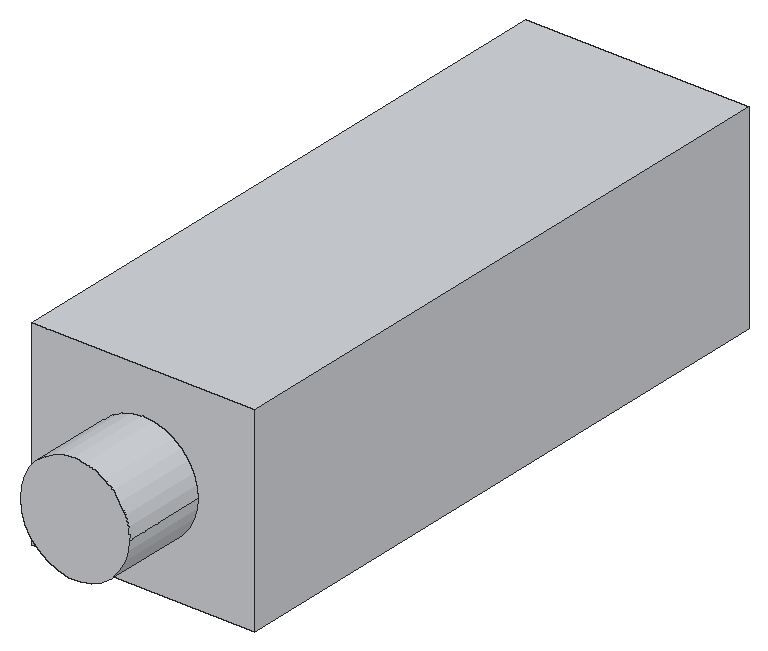
Revit family "EZTA+NO HWC", category Mechanical Equipment, Revit 2018
Family settings
  Round Connector Dimension = Use Diameter
  Part Type = Normal
  OmniClass Number = 23.75.00.00
  OmniClass Title = Climate Control (HVAC)
  Work Plane-Based = No
  Always vertical = Yes
  Cut with Voids When Loaded = No
  Shared = No
  Room Calculation Point = No
Parameters (values of type "EZTA+0710 NO Controller")
  Width = 1' - 2"
  URL = "https://www.anemostat-hvac.com/"
  RightController = no
  Power Right Controller = no
  Power Left Controller = no
  Model = "EZTA+"
  Manufacturer = "ANEMOSTAT PRODUCTS"
  Length = 3' - 3 1/2"
  LeftController = no
  Inlet_S = 0' - 5 3/8"
  InletRadius = InletDia / 2  # 0' - 3 7/16"
  InletDia = 0' - 6 7/8"
  Height = 1' - 0 1/2"
  SlipDrive = 3' - 10 7/16"
  Overlap = 0' - 0 5/8"
  EnslosureRear = 1' - 2 7/32"
  EnclosureWidth = 0' - 7 1/8"
  EnclosureHeight = 0' - 11 3/32"
  EnclosureFront = 0' - 3"
  EnclosureCenter = Height / 2  # 0' - 6 1/4"
  DischargeY = Height - 0' 1 1/4"  # 0' - 11 1/4"
  DischargeX = Width - 0' 1 1/4"  # 1' - 0 3/4"
  Discharge = 0' - 0 5/8"
  Description = "EZTA+ W/Integral Sound Attenuator"
  Coil = SlipDrive - Length  # 0' - 6 15/16"
Types (24): name | Width | RightController | Power Right Controller | Power Left Controller | LeftController | InletRadius | InletDia | Height | SlipDrive | EnclosureCenter | DischargeY | DischargeX | Description | Coil
  EZTA+0508 W/LH Controller | 1' - 0" | no | no | yes | yes | 0' - 2 7/16" | 0' - 4 7/8" | 0' - 10" | 3' - 7 1/4" | 0' - 5" | 0' - 8 3/4" | 0' - 10 3/4" | "EZTA+ W/Integral Sound Attenuator" | 0' - 3 3/4"
  EZTA+0608 W/LH Controller | 1' - 0" | no | no | yes | yes | 0' - 2 15/16" | 0' - 5 7/8" | 0' - 10" | 3' - 7 1/4" | 0' - 5" | 0' - 8 3/4" | 0' - 10 3/4" | "EZTA+ W/Integral Sound Attenuator" | 0' - 3 3/4"
  EZTA+0508 W/RH Controller | 1' - 0" | yes | yes | no | no | 0' - 2 7/16" | 0' - 4 7/8" | 0' - 10" | 3' - 7 1/4" | 0' - 5" | 0' - 8 3/4" | 0' - 10 3/4" | "EZTA W/Integral Sound Attenuator" | 0' - 3 3/4"
  EZTA+0608 W/RH Controller | 1' - 0" | yes | yes | no | no | 0' - 2 15/16" | 0' - 5 7/8" | 0' - 10" | 3' - 7 1/4" | 0' - 5" | 0' - 8 3/4" | 0' - 10 3/4" | "EZTA+ W/Integral Sound Attenuator" | 0' - 3 3/4"
  EZTA+0508 NO Controller | 1' - 0" | no | no | no | no | 0' - 2 7/16" | 0' - 4 7/8" | 0' - 10" | 3' - 7 1/4" | 0' - 5" | 0' - 8 3/4" | 0' - 10 3/4" | "EZTA+ W/Integral Sound Attenuator" | 0' - 3 3/4"
  EZTA+0608 NO Controller | 1' - 0" | no | no | no | no | 0' - 2 15/16" | 0' - 5 7/8" | 0' - 10" | 3' - 7 1/4" | 0' - 5" | 0' - 8 3/4" | 0' - 10 3/4" | "EZTA+ W/Integral Sound Attenuator" | 0' - 3 3/4"
  EZTA+0710 W/LH Controller | 1' - 2" | no | no | yes | yes | 0' - 3 7/16" | 0' - 6 7/8" | 1' - 0 1/2" | 3' - 10 7/16" | 0' - 6 1/4" | 0' - 11 1/4" | 1' - 0 3/4" | "EZTA+ W/Integral Sound Attenuator" | 0' - 6 15/16"
  EZTA+0810 W/LH Controller | 1' - 2" | no | no | yes | yes | 0' - 3 15/16" | 0' - 7 7/8" | 1' - 0 1/2" | 3' - 10 7/16" | 0' - 6 1/4" | 0' - 11 1/4" | 1' - 0 3/4" | "EZTA+ W/Integral Sound Attenuator" | 0' - 6 15/16"
  EZTA+0710 W/RH Controller | 1' - 2" | yes | yes | no | no | 0' - 3 7/16" | 0' - 6 7/8" | 1' - 0 1/2" | 3' - 10 7/16" | 0' - 6 1/4" | 0' - 11 1/4" | 1' - 0 3/4" | "EZTA+ W/Integral Sound Attenuator" | 0' - 6 15/16"
  EZTA+0810 W/RH Controller | 1' - 2" | yes | yes | no | no | 0' - 3 15/16" | 0' - 7 7/8" | 1' - 0 1/2" | 3' - 10 7/16" | 0' - 6 1/4" | 0' - 11 1/4" | 1' - 0 3/4" | "EZTA+ W/Integral Sound Attenuator" | 0' - 6 15/16"
  EZTA+0810 NO Controller | 1' - 2" | no | no | no | no | 0' - 3 15/16" | 0' - 7 7/8" | 1' - 0 1/2" | 3' - 10 7/16" | 0' - 6 1/4" | 0' - 11 1/4" | 1' - 0 3/4" | "EZTA+ W/Integral Sound Attenuator" | 0' - 6 15/16"
  EZTA+0710 NO Controller | 1' - 2" | no | no | no | no | 0' - 3 7/16" | 0' - 6 7/8" | 1' - 0 1/2" | 3' - 10 7/16" | 0' - 6 1/4" | 0' - 11 1/4" | 1' - 0 3/4" | "EZTA+ W/Integral Sound Attenuator" | 0' - 6 15/16"
  EZTA+1012 W/LH Controller | 1' - 4" | no | no | yes | yes | 0' - 4 15/16" | 0' - 9 7/8" | 1' - 3" | 3' - 7 1/4" | 0' - 7 1/2" | 1' - 1 3/4" | 1' - 2 3/4" | "EZTA+ W/Integral Sound Attenuator" | 0' - 3 3/4"
  EZTA+1012 NO Controller | 1' - 4" | no | no | no | no | 0' - 4 15/16" | 0' - 9 7/8" | 1' - 3" | 3' - 7 1/4" | 0' - 7 1/2" | 1' - 1 3/4" | 1' - 2 3/4" | "EZTA+ W/Integral Sound Attenuator" | 0' - 3 3/4"
  EZTA+0912 NO Controller | 1' - 4" | no | no | no | no | 0' - 4 7/16" | 0' - 8 7/8" | 1' - 3" | 3' - 7 1/4" | 0' - 7 1/2" | 1' - 1 3/4" | 1' - 2 3/4" | "EZTA+ W/Integral Sound Attenuator" | 0' - 3 3/4"
  EZTA+0912 W/LH Controller | 1' - 4" | no | no | yes | yes | 0' - 4 7/16" | 0' - 8 7/8" | 1' - 3" | 3' - 7 1/4" | 0' - 7 1/2" | 1' - 1 3/4" | 1' - 2 3/4" | "EZTA+ W/Integral Sound Attenuator" | 0' - 3 3/4"
  EZTA+0912 W/RH Controller | 1' - 4" | yes | yes | no | no | 0' - 4 7/16" | 0' - 8 7/8" | 1' - 3" | 3' - 7 1/4" | 0' - 7 1/2" | 1' - 1 3/4" | 1' - 2 3/4" | "EZTA+ W/Integral Sound Attenuator" | 0' - 3 3/4"
  EZTA+1012 W/RH Controller | 1' - 4" | yes | yes | no | no | 0' - 4 15/16" | 0' - 9 7/8" | 1' - 3" | 3' - 7 1/4" | 0' - 7 1/2" | 1' - 1 3/4" | 1' - 2 3/4" | "EZTA+ W/Integral Sound Attenuator" | 0' - 3 3/4"
  EZTA+1214 W/LH Controller | 1' - 8" | no | no | yes | yes | 0' - 5 15/16" | 0' - 11 7/8" | 1' - 5 1/2" | 3' - 7 1/4" | 0' - 8 3/4" | 1' - 4 1/4" | 1' - 6 3/4" | "EZTA+ W/Integral Sound Attenuator" | 0' - 3 3/4"
  EZTA+1214 W/RH Controller | 1' - 8" | yes | yes | no | no | 0' - 5 15/16" | 0' - 11 7/8" | 1' - 5 1/2" | 3' - 7 1/4" | 0' - 8 3/4" | 1' - 4 1/4" | 1' - 6 3/4" | "EZTA+ W/Integral Sound Attenuator" | 0' - 3 3/4"
  EZTA+1214 NO Controller | 1' - 8" | no | no | no | no | 0' - 5 15/16" | 0' - 11 7/8" | 1' - 5 1/2" | 3' - 7 1/4" | 0' - 8 3/4" | 1' - 4 1/4" | 1' - 6 3/4" | "EZTA+ W/Integral Sound Attenuator" | 0' - 3 3/4"
  EZTA+1416 W/LH Controller | 2' - 0" | no | no | yes | yes | 0' - 6 15/16" | 1' - 1 7/8" | 1' - 5 1/2" | 3' - 8 7/16" | 0' - 8 3/4" | 1' - 4 1/4" | 1' - 10 3/4" | "EZTA+ W/Integral Sound Attenuator" | 0' - 4 15/16"
  EZTA+1416 W/RH Controller | 2' - 0" | yes | yes | no | no | 0' - 6 15/16" | 1' - 1 7/8" | 1' - 5 1/2" | 3' - 8 7/16" | 0' - 8 3/4" | 1' - 4 1/4" | 1' - 10 3/4" | "EZTA+ W/Integral Sound Attenuator" | 0' - 4 15/16"
  EZTA+1416 NO Controller | 2' - 0" | no | no | no | no | 0' - 6 15/16" | 1' - 1 7/8" | 1' - 5 1/2" | 3' - 8 7/16" | 0' - 8 3/4" | 1' - 4 1/4" | 1' - 10 3/4" | "EZTA+ W/Integral Sound Attenuator" | 0' - 4 15/16"
Reference planes (in)
  plane 1 "Center (Front/Back)": y = 0
  plane 2: z = 0
  plane 3 "Center (Left/Right)": x = 0
  plane 4 "RightSide": x = 7
  plane 5 "LeftSide": x = -7
  plane 6 "InletSide": y = -19.75
  plane 7: y = -8.53125
  plane 8 "EnclosureFront": y = -22.75
  plane 9: x = 14.125
  plane 10: x = -14.125
  plane 11 "DischargeSide": y = 19.75
  plane 12: y = 19.125
  plane 13: z = 12.5
  plane 14: z = 6.25
  plane 15: z = 11.79687
  plane 16: z = 0.70313
  plane 17: x = 6.375
  plane 18: x = -6.375
  plane 19: z = 11.875
  plane 20: z = 0.625
  plane 21: y = 18.5
  plane 22 "HWC SlipNDrive": y = 26.6875
  plane 23: z = 1.25
  plane 24: y = 22.875
  plane 25: y = 23.13415
  plane 26: z = 11.25
Forms (in)
  Extrusion 1, solid
    sketch origin (0, 0, 0) x (1, 0, 0) y (0, 1, 0)
      loop
        line (7, 19.125) -> (-7, 19.125) -> (-7, -19.75) -> (7, -19.75) -> (7, 19.125)
    from 0 to 12.5
  Extrusion 2, solid
    sketch origin (0, -19.75, 0) x (1, 0, 0) y (0, 0, 1)
      loop
        circle (0, 6.25) r 3.4375
    from 0 to 5.375 <- "Inlet_S"
  Extrusion 3, solid
    sketch origin (0, 19.75, 0) x (1, 0, 0) y (0, 0, 1)
      loop
        line (-6.375, 11.875) -> (-6.375, 0.625) -> (6.375, 0.625) -> (6.375, 11.875) -> (-6.375, 11.875)
    from 0 to 0.625 <- "Discharge"
Dimensions and locks (in)
  equal spacing: plane 5 "LeftSide", plane 3 "Center (Left/Right)", plane 4 "RightSide"
  "EnclosureFront": plane 8 "EnclosureFront" to plane 6 "InletSide"
  "Width": plane 5 "LeftSide" to plane 4 "RightSide"
  "EnclosureWidth": plane 4 "RightSide" to plane 9
  "EnclosureWidth": plane 10 to plane 5 "LeftSide"
  equal spacing: plane 11 "DischargeSide", plane 1 "Center (Front/Back)", plane 6 "InletSide"
  "Length": plane 11 "DischargeSide" to plane 6 "InletSide"
  "EnslosureRear": plane 7 to plane 8 "EnclosureFront"
  "Discharge": plane 12 to plane 11 "DischargeSide"
  equal spacing: plane 15, plane 14, plane 16
  "EnclosureHeight": plane 15 to plane 16
  "EnclosureCenter": plane 14 to level
  "Height": plane 13 to level
  equal spacing: plane 17, plane 3 "Center (Left/Right)", plane 18
  "DischargeX": plane 17 to plane 18
  "Discharge": plane 13 to plane 19
  "Discharge": plane 20 to level
  plane 6 "InletSide" to plane 11 "DischargeSide" = 3' - 3 1/2"
  "Overlap": plane 21 to plane 12
  "SlipDrive": plane 22 "HWC SlipNDrive" to plane 6 "InletSide"
  locked: plane 24 to plane 12 at 3.75
  locked: plane 23 to level at 1.25
  locked: plane 25 to plane 12 at 4.00915
  locked: plane 13 to plane 26 at 1.25
  "InletRadius": radius of Extrusion 2 sketch curve
  aligned and locked: level to plane 2
  aligned and locked: plane 12 to Extrusion 1 sketch curve
  aligned and locked: plane 4 "RightSide" to Extrusion 1 sketch curve
  aligned and locked: plane 6 "InletSide" to Extrusion 1 sketch curve
  aligned and locked: plane 5 "LeftSide" to Extrusion 1 sketch curve
  aligned and locked: plane 13 to Extrusion 1
  aligned and locked: plane 19 to Extrusion 3 sketch curve
  aligned and locked: Extrusion 3 sketch curve to plane 18
  aligned and locked: plane 20 to Extrusion 3 sketch curve
  aligned and locked: plane 17 to Extrusion 3 sketch curve
  aligned and locked: nested 1 to plane 7
  aligned and locked: plane 4 "RightSide" to nested 1
  aligned and locked: nested 2 to plane 5 "LeftSide"
  aligned and locked: nested 2 to plane 7
Automatic sketch dimensions
  Extrusion 2 sketch curve to plane 3 "Center (Left/Right)" = 0' - 0"
  Extrusion 2 sketch curve to plane 14 = 0' - 0"
Nested families (in)
  nested 1: "ControlEnclosure" at (7, -9.91058, 0), visible <- "RightController", type "Inlet Size 10 Enclosure Left"
    with EnclosureWidth 0' - 7 1/8", EnclosureHeight 0' - 11 3/32"
  nested 2: "ControlEnclosure" at (-7, -9.91058, 0) x (-1, 0, 0) z (0, 0, 1), visible <- "LeftController", type "Inlet Size 10 Enclosure Left"
    with EnclosureWidth 0' - 7 1/8", EnclosureHeight 0' - 11 3/32"
Connectors (in)
  hvac at (0, -25.125, 6.25), driven by "InletDia"
    settings: on Extrusion 2, index 1, duct flow 0 CFM, flow factor 0, pres drop 0.00 in-wg, loss coef 0, conn angle 0.00°, conn width 12", conn height 12", conn diameter 6 7/8", duct sys type 1, conn prof type 0, flow config 0, flow direction 1, loss method 0, conn ref index -1, conn util no, is conn primary yes, conn desc ""
  electrical at (-14.125, -15.64062, 6.25), driven by "Power Left Controller"
    settings: on nested 2, index 2, voltage 0 V, apparent load 0 VA, apparent load phase1 0 VA, apparent load phase2 0 VA, apparent load phase3 0 VA, power factor 1, load classification "Other", number of poles 1, system type 31, power factor state 1, is connector primary yes, connector utility no, sub classification motor no, connector description ""
  electrical at (14.125, -15.64062, 6.25), driven by "Power Right Controller"
    settings: on nested 1, index 8, voltage 0 V, apparent load 0 VA, apparent load phase1 0 VA, apparent load phase2 0 VA, apparent load phase3 0 VA, power factor 1, load classification "Other", number of poles 1, system type 31, power factor state 1, is connector primary no, connector utility no, sub classification motor no, connector description ""
  hvac at (0, 19.75, 6.25), driven by "DischargeY", driven by "DischargeX"
    settings: on Extrusion 3, index 9, duct flow 0 CFM, flow factor 0, pres drop 0.00 in-wg, loss coef 0, conn angle 0.00°, conn width 12 3/4", conn height 11 1/4", conn diameter 24", duct sys type 1, conn prof type 1, flow config 0, flow direction 0, loss method 0, conn ref index -1, conn util no, is conn primary no, conn desc ""
Definition of nested family "ControlEnclosure"
  Parameters (values of type "Enclosure")
    Width = 1' - 2"
    Lenght = 1' - 2 1/2"
    Height = 1' - 0 1/2"
    EnslosureRear = 1' - 2 7/32"
    EnclosureWidth = 0' - 7 1/8"
    EnclosureHeight = 0' - 11 3/32"
    EnclosureFront = 0' - 3"
    EnclosureCenter = Height / 2  # 0' - 6 1/4"
    DischargeY = 0' - 11 1/4"
    DischargeX = 1' - 0 3/4"
    Discharge = 0' - 0 5/8"
  Types (3): name | EnclosureWidth | EnclosureHeight
    Inlet Size 10 Enclosure Left | 0' - 11 3/32" | 0' - 7 1/8"
    Inlet Size 10 Enclosure Right | 0' - 7 1/8" | 0' - 6.00967"
    Enclosure | 0' - 7 1/8" | 0' - 11 3/32"
  Reference planes (in)
    plane 1 "Center (Front/Back)": y = 0
    plane 2: z = 0
    plane 3 "Center (Left/Right)": x = 0
    plane 4: x = 7
    plane 5: x = -7
    plane 6: y = -7.25
    plane 7: y = 1.37933
    plane 8: y = -12.83942
    plane 9 "EnclosureSide": x = 14.125
    plane 10: x = -14.125
    plane 11: y = 7.25
    plane 12: y = 6.625
    plane 13: z = 6.25
    plane 14: z = 11.79688
    plane 15: z = 0.70313
  Forms (in)
    Extrusion 1, solid
      sketch origin (0, 0, 0) x (0, 1, 0) y (0, 0, 1)
        loop
          line (1.37933, 11.79688) -> (-12.83942, 11.79688) -> (-12.83942, 0.70313) -> (1.37933, 0.70313) -> (1.37933, 11.79688)
      from 0 to 7.125 <- "EnclosureWidth"
  Dimensions and locks (in)
    equal spacing: plane 5, plane 3 "Center (Left/Right)", plane 4
    plane 8 to plane 6 = 0' - 5.58942"
    "Width": plane 5 to plane 4
    "EnclosureWidth": plane 4 to plane 9 "EnclosureSide"
    "EnclosureWidth": plane 10 to plane 5
    equal spacing: plane 11, plane 1 "Center (Front/Back)", plane 6
    "Lenght": plane 11 to plane 6
    "EnslosureRear": plane 7 to plane 8
    "Discharge": plane 12 to plane 11
    "EnclosureCenter": plane 13 to level
    equal spacing: plane 15, plane 13, plane 14
    "EnclosureHeight": plane 15 to plane 14
    aligned and locked: level to plane 2
    aligned and locked: Extrusion 1 sketch curve to plane 7
    aligned and locked: Extrusion 1 sketch curve to plane 14
    aligned and locked: Extrusion 1 sketch curve to plane 8
    aligned and locked: Extrusion 1 sketch curve to plane 15
